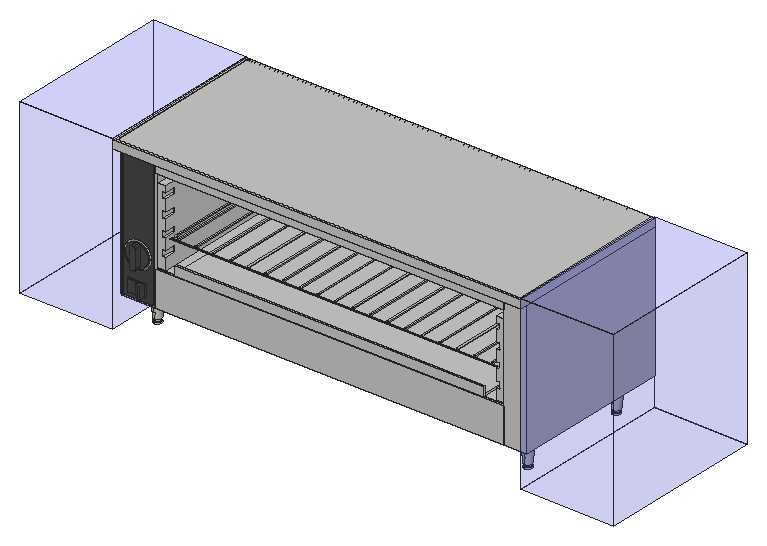
Revit family "QF_Vollrath_CM4-20835", category Specialty Equipment, Revit 2016
Family settings
  Part Type = Normal
  Round Connector Dimension = Use Diameter
  OmniClass Number = 23.40.40.00
  OmniClass Title = Food Service Equipment and Furnishings
  Work Plane-Based = No
  Always vertical = Yes
  Cut with Voids When Loaded = No
  Shared = No
  Room Calculation Point = No
Parameters (values of type "208/60/1")
  Width = 35 1/8"
  Weight in Pounds = 60
  Watts = 3660 W
  Watermarked By = ""
  Volts = 208 V
  URL Cutsheet = ""
  URL = "http://vollrath.com/Vollrath.htm"
  Status [instance] = ""
  Specification by User [instance] = ""
  Specification by Manufacturer [instance] = ""
  Serial Number [instance] = ""
  Revision Code [instance] = ""
  Phase = 1
  Number of Poles [instance] = 1
  NAFEM Spec ID Number [instance] = ""
  Model = "CM4-20835"
  Masterspec [instance] = ""
  Manufacturer = "Vollrath"
  Item Number [instance] = "-"
  Installed By [instance] = ""
  Height = 14 3/4"
  Furnished By [instance] = ""
  Foodservice Equipment Identifier = yes
  FL Amps = 17.6 A
  Electrical Remarks [instance] = ""
  Electric Connection Type = ""
  Elec Conn RI Height [instance] = 0"
  Elec Conn Connection Height = 0"
  Description = "Cheese Melter"
  Depth = 14 3/8"
  Cycle = 60 Hz
  Conn Plug = "NEMA 6-30P"
  CSI MasterFormat = ""
  Assembly Code = "E1090320"
  Apparent Power = if(Phase = 3, Volts * FL Amps * 1.73, Volts * FL Amps)  # 3660.8 VA
Reference planes (in)
  plane 1 "BACK": y = 0
  plane 2: z = 0
  plane 3 "LEFT": x = -16.56573
  plane 4 "RIGHT": x = 18.55927
  plane 5 "FRONT": y = -14.375
  plane 6 "TOP": z = 14.75
  plane 7: x = 0.99677
  plane 8: y = -6.84375
  plane 9: x = 26.55927
  plane 10: x = -24.56573
  plane 11 "Right Inner": x = 16.55927
  plane 12 "Left Inner": x = -13.44073
  plane 13 "Leg Right": x = 16.93427
  plane 14 "Leg Left": x = -14.94073
  plane 15 "Leg Back": y = -2.09375
  plane 16 "Leg Front": y = -11.59375
  plane 17 "Bottom of Box": z = 2.5
  plane 18 "Bottom of Top": z = 13.9375
  plane 19 "Front of Box": y = -13.75
  plane 20 "Oven Rack": z = 7.8125
Forms (in)
  Extrusion 1, solid, material "QF_Clearance", detail levels medium+fine
    sketch origin (0, 0, 0) x (1, 0, 0) y (0, 1, 0)
      loop
        line (-24.56573, 0) -> (-24.56573, -14.375) -> (-16.56573, -14.375) -> (-16.56573, 0) -> (-24.56573, 0)
      loop
        line (26.55927, 0) -> (18.55927, 0) -> (18.55927, -14.375) -> (26.55927, -14.375) -> (26.55927, 0)
    from 0 to 14.75
  Revolve 2, solid, material "QF_Stainless-Polished"
    sketch origin (-14.94073, 0, 0) x (0, 1, 0) y (0, 0, 1)
      loop
        line (-2.09375, 2.5) -> (-2.09375, 0) -> (-1.76906, 0) -> (-1.76906, 0.0625) -> (-1.89375, 0.0625) -> (-1.89375, 0.2) -> (-1.85375, 0.2) -> (-1.84506, 0.35204) -> (-1.76506, 0.35204) -> (-1.61375, 2.5) -> (-2.09375, 2.5)
      axis (-2.09375, 0) -> (-2.09375, 2.5)
    angle from 0 to 360
  Revolve 3, solid, material "QF_Stainless-Polished"
    sketch origin (-14.94073, 0, 0) x (0, 1, 0) y (0, 0, 1)
      loop
        line (-11.59375, 2.5) -> (-11.59375, 0) -> (-11.26906, 0) -> (-11.26906, 0.0625) -> (-11.39375, 0.0625) -> (-11.39375, 0.2) -> (-11.35375, 0.2) -> (-11.34506, 0.35204) -> (-11.26506, 0.35204) -> (-11.11375, 2.5) -> (-11.59375, 2.5)
      axis (-11.59375, 0) -> (-11.59375, 2.5)
    angle from 0 to 360
  Revolve 4, solid, material "QF_Stainless-Polished"
    sketch origin (16.93427, 0, 0) x (0, 1, 0) y (0, 0, 1)
      loop
        line (-2.09375, 2.5) -> (-2.09375, 0) -> (-1.76906, 0) -> (-1.76906, 0.0625) -> (-1.89375, 0.0625) -> (-1.89375, 0.2) -> (-1.85375, 0.2) -> (-1.84506, 0.35204) -> (-1.76506, 0.35204) -> (-1.61375, 2.5) -> (-2.09375, 2.5)
      axis (-2.09375, 0) -> (-2.09375, 2.5)
    angle from 0 to 360
  Revolve 5, solid, material "QF_Stainless-Polished"
    sketch origin (16.93427, 0, 0) x (0, 1, 0) y (0, 0, 1)
      loop
        line (-11.59375, 2.5) -> (-11.59375, 0) -> (-11.26906, 0) -> (-11.26906, 0.0625) -> (-11.39375, 0.0625) -> (-11.39375, 0.2) -> (-11.35375, 0.2) -> (-11.34506, 0.35204) -> (-11.26506, 0.35204) -> (-11.11375, 2.5) -> (-11.59375, 2.5)
      axis (-11.59375, 0) -> (-11.59375, 2.5)
    angle from 0 to 360
  Sweep 6, solid, material "QF_Stainless-Polished"
    path origin (0, 0, 14.75) x (0, 1, 0) y (-1, 0, 0)
      loop
        line (0, 16.56573) -> (-14.375, 16.56573) -> (-14.375, -18.55927) -> (0, -18.55927) -> (0, 16.56573)
    profile origin (0.99677, 0, 14.75) x (0, 1, 0) y (0, 0, 1)
      loop
        line (0, -0.125) -> (-0.125, 0) -> (-0.8125, 0) -> (-0.8125, -0.125) -> (-0.17678, -0.125) -> (-0.125, -0.17678) -> (-0.125, -0.8125) -> (0, -0.8125) -> (0, -0.125)
  Extrusion 7, solid, material "QF_Stainless-Polished"
    sketch origin (0, 0, 14.75) x (0, 1, 0) y (-1, 0, 0)
      loop
        line (-0.8125, 15.75323) -> (-13.5625, 15.75323) -> (-13.5625, -17.74677) -> (-0.8125, -17.74677) -> (-0.8125, 15.75323)
    from 0 to -0.125
  Extrusion 8, solid, material "QF_Stainless-Polished"
    sketch origin (0, 0, 13.9375) x (0, 1, 0) y (-1, 0, 0)
      loop
        line (-0.125, 16.44073) -> (-14.25, 16.44073) -> (-14.25, -18.43427) -> (-0.125, -18.43427) -> (-0.125, 16.44073)
    from 0 to 0.125
  Extrusion 9, solid, material "QF_Stainless-Polished"
    sketch origin (-16.56573, 0, 0) x (0, 1, 0) y (0, 0, 1)
      loop
        line (0, 13.9375) -> (-13.5, 13.9375) -> (-13.5, 2.5) -> (0, 2.5) -> (0, 13.9375)
      loop
        circle (-6.84375, 7.28125) r 2
    from 0 to 0.25
  Sweep 10, solid, material "QF_Stainless-Polished"
    path origin (-16.56573, 0, 0) x (0, 1, 0) y (0, 0, 1)
      loop
        circle (-6.84375, 7.28125) r 1.75
    profile origin (-16.56573, -6.84375, 9.03125) x (0, 0, -1) y (1, 0, 0)
      loop
        circle (0, 0) r 0.0625
  Sweep 11, solid, material "QF_Stainless-Polished"
    path origin (-16.56573, 0, 0) x (0, 1, 0) y (0, 0, 1)
      loop
        circle (-6.84375, 7.28125) r 1.5
    profile origin (-16.56573, -6.84375, 8.78125) x (0, 0, -1) y (1, 0, 0)
      loop
        circle (0, 0) r 0.0625
  Sweep 12, solid, material "QF_Stainless-Polished"
    path origin (-16.56573, 0, 0) x (0, 1, 0) y (0, 0, 1)
      loop
        circle (-6.84375, 7.28125) r 1.25
    profile origin (-16.56573, -6.84375, 8.53125) x (0, 0, -1) y (1, 0, 0)
      loop
        circle (0, 0) r 0.0625
  Sweep 13, solid, material "QF_Stainless-Polished"
    path origin (-16.56573, 0, 0) x (0, 1, 0) y (0, 0, 1)
      loop
        circle (-6.84375, 7.28125) r 1
    profile origin (-16.56573, -6.84375, 8.28125) x (0, 0, -1) y (1, 0, 0)
      loop
        circle (0, 0) r 0.0625
  Sweep 14, solid, material "QF_Stainless-Polished"
    path origin (-16.56573, 0, 0) x (0, 1, 0) y (0, 0, 1)
      loop
        circle (-6.84375, 7.28125) r 0.75
    profile origin (-16.56573, -6.84375, 8.03125) x (0, 0, -1) y (1, 0, 0)
      loop
        circle (0, 0) r 0.0625
  Sweep 15, solid, material "QF_Stainless-Polished"
    path origin (-16.56573, 0, 0) x (0, 1, 0) y (0, 0, 1)
      loop
        circle (-6.84375, 7.28125) r 0.5
    profile origin (-16.56573, -6.84375, 7.78125) x (0, 0, -1) y (1, 0, 0)
      loop
        circle (0, 0) r 0.0625
  Sweep 16, solid, material "QF_Stainless-Polished"
    path origin (-16.56573, 0, 0) x (0, 1, 0) y (0, 0, 1)
      loop
        circle (-6.84375, 7.28125) r 0.25
    profile origin (-16.56573, -6.84375, 7.53125) x (0, 0, -1) y (1, 0, 0)
      loop
        circle (0, 0) r 0.0625
  Sweep 17, solid, material "QF_Stainless-Polished"
    path origin (-16.56573, 0, 0) x (0, 1, 0) y (0, 0, 1)
      loop
        line (-8.12711, 8.92748) -> (-5.56039, 5.13656)
    profile origin (-16.56573, -6.84375, 7.03202) x (0, 0.828053, 0.56065) y (1, 0, 0)
      loop
        arc (-0.125, 0) -> (0, -0.125) -> (0.125, 0) r 0.125
        line (0.125, 0) -> (-0.125, 0)
  Sweep 18, solid, material "QF_Stainless-Polished"
    path origin (-16.56573, 0, 0) x (0, 1, 0) y (0, 0, 1)
      loop
        line (-5.56039, 8.94762) -> (-8.12711, 5.1567)
    profile origin (-16.56573, -6.84375, 7.05216) x (0, 0.828053, -0.56065) y (1, 0, 0)
      loop
        line (0.125, 0) -> (-0.125, 0)
        arc (-0.125, 0) -> (0, -0.125) -> (0.125, 0) r 0.125
  Extrusion 19, solid, material "QF_Stainless-Polished"
    sketch origin (18.55927, 0, 0) x (0, 1, 0) y (0, 0, 1)
      loop
        line (0, 13.9375) -> (-13.75, 13.9375) -> (-13.75, 2.5) -> (0, 2.5) -> (0, 13.9375)
    from 0 to -0.25
  Extrusion 20, solid, material "QF_Stainless-Polished"
    sketch origin (0, 0, 0) x (1, 0, 0) y (0, 0, 1)
      loop
        line (18.30927, 2.5) -> (18.30927, 13.9375) -> (-16.31573, 13.9375) -> (-16.31573, 2.5) -> (18.30927, 2.5)
    from 0 to 0.25
  Extrusion 21, solid, material "QF_Stainless-Polished"
    sketch origin (0, 0, 2.5) x (0, 1, 0) y (-1, 0, 0)
      loop
        line (-0.25, 16.31573) -> (-13.75, 16.31573) -> (-13.75, -18.30927) -> (-0.25, -18.30927) -> (-0.25, 16.31573)
    from 0 to 0.25
  Extrusion 22, solid, material "QF_Stainless-Polished"
    sketch origin (0, -13.75, 0) x (-1, 0, 0) y (0, 0, 1)
      loop
        line (-18.55927, 2.5) -> (-16.55927, 2.5) -> (-16.55927, 13.9375) -> (-18.55927, 13.9375) -> (-18.55927, 2.5)
    from 0 to 11.25
  Extrusion 23, solid, material "QF_Stainless-Polished"
    sketch origin (0, -13.75, 0) x (-1, 0, 0) y (0, 0, 1)
      loop
        line (-16.55927, 13.9375) -> (-16.55927, 12.9375) -> (13.44073, 12.9375) -> (13.44073, 13.9375) -> (-16.55927, 13.9375)
    from 0 to 0.25
  Extrusion 24, void
    sketch origin (0, -13.75, 0) x (-1, 0, 0) y (0, 0, 1)
      loop
        line (13.44073, 2.75) -> (13.44073, 2.5) -> (16.31573, 2.5) -> (16.31573, 2.75) -> (13.44073, 2.75)
    from 0 to 0.25
  Extrusion 25, solid, material "QF_Stainless-Polished"
    sketch origin (0, -13.75, 0) x (-1, 0, 0) y (0, 0, 1)
      loop
        line (13.44073, 2.5) -> (16.31573, 2.5) -> (16.31573, 13.9375) -> (13.44073, 13.9375) -> (13.44073, 2.5)
      loop
        line (16.19073, 2.75) -> (16.19073, 13.6875)
        arc (16.19073, 13.6875) -> (16.15411, 13.77589) -> (16.06573, 13.8125) r 0.125
        line (16.06573, 13.8125) -> (13.69073, 13.8125)
        arc (13.69073, 13.8125) -> (13.60234, 13.77589) -> (13.56573, 13.6875) r 0.125
        line (13.56573, 13.6875) -> (13.56573, 2.75)
        arc (13.56573, 2.75) -> (13.60234, 2.66161) -> (13.69073, 2.625) r 0.125
        line (13.69073, 2.625) -> (16.06573, 2.625)
        arc (16.06573, 2.625) -> (16.15411, 2.66161) -> (16.19073, 2.75) r 0.125
    from 0 to 0.25
  Extrusion 26, solid, material "QF_Steel-Paint Finish-Black"
    sketch origin (0, -13.75, 0) x (-1, 0, 0) y (0, 0, 1)
      loop
        arc (13.69073, 13.8125) -> (13.60234, 13.77589) -> (13.56573, 13.6875) r 0.125
        line (13.56573, 13.6875) -> (13.56573, 2.75)
        arc (13.56573, 2.75) -> (13.60234, 2.66161) -> (13.69073, 2.625) r 0.125
        line (13.69073, 2.625) -> (16.06573, 2.625)
        arc (16.06573, 2.625) -> (16.15411, 2.66161) -> (16.19073, 2.75) r 0.125
        line (16.19073, 2.75) -> (16.19073, 13.6875)
        arc (16.19073, 13.6875) -> (16.15411, 13.77589) -> (16.06573, 13.8125) r 0.125
        line (16.06573, 13.8125) -> (13.69073, 13.8125)
      loop
        circle (14.87823, 6.125) r 1
      loop
        line (15.69073, 3.125) -> (15.69073, 4.125) -> (14.19073, 4.125) -> (14.19073, 3.125) -> (15.69073, 3.125)
    from 0 to 0.25
  Extrusion 27, void
    sketch origin (0, -13.75, 0) x (-1, 0, 0) y (0, 0, 1)
      loop
        line (13.44073, 2.75) -> (-16.55927, 2.75) -> (-16.55927, 2.5) -> (13.44073, 2.5) -> (13.44073, 2.75)
    from 0 to 0.25
  Extrusion 28, solid, material "QF_Stainless-Polished"
    sketch origin (0, -13.75, 0) x (-1, 0, 0) y (0, 0, 1)
      loop
        line (13.44073, 2.5) -> (13.44073, 5.5) -> (-16.55927, 5.5) -> (-16.55927, 2.5) -> (13.44073, 2.5)
    from 0 to 0.25
  Extrusion 29, solid, material "QF_Stainless-Polished"
    sketch origin (0, -13.75, 0) x (-1, 0, 0) y (0, 0, 1)
      loop
        line (13.44073, 2.75) -> (13.69073, 2.75) -> (13.69073, 13.9375) -> (13.44073, 13.9375) -> (13.44073, 2.75)
    from 0.25 to 13.5
  Extrusion 30, solid, material "QF_Plastic-Black-Coarse"
    sketch origin (0, -13.75, 0) x (-1, 0, 0) y (0, 0, 1)
      loop
        circle (14.87823, 6.125) r 1
      loop
        line (15.69073, 4.125) -> (14.19073, 4.125) -> (14.19073, 3.125) -> (15.69073, 3.125) -> (15.69073, 4.125)
    from 0 to -0.125
  Extrusion 31, solid, material "QF_Plastic-Black-Coarse"
    sketch origin (0, -13.875, 0) x (1, 0, 0) y (0, 0, 1)
      loop
        line (-15.12823, 6.92783) -> (-15.12823, 5.32217)
        arc (-15.12823, 5.32217) -> (-15.09817, 5.24087) -> (-15.02246, 5.19866) r 0.125
        arc (-15.02246, 5.19866) -> (-14.87823, 5.1875) -> (-14.73399, 5.19866) r 0.9375
        arc (-14.73399, 5.19866) -> (-14.65828, 5.24087) -> (-14.62823, 5.32217) r 0.125
        line (-14.62823, 5.32217) -> (-14.62823, 6.92783)
        arc (-14.62823, 6.92783) -> (-14.65828, 7.00913) -> (-14.73399, 7.05134) r 0.125
        arc (-14.73399, 7.05134) -> (-14.87823, 7.0625) -> (-15.02246, 7.05134) r 0.9375
        arc (-15.02246, 7.05134) -> (-15.09817, 7.00913) -> (-15.12823, 6.92783) r 0.125
    from 0 to 0.5
  Extrusion 32, solid, material "QF_Plastic-Black-Coarse"
    sketch origin (-15.69073, -13.75, 4.125) x (1, 0, 0) y (0, 1, 0)
      loop
        line (1.4375, -0.125) -> (0.0625, -0.125) -> (0.0625, -0.22041) -> (0.70081, -0.22041)
        arc (0.70081, -0.22041) -> (0.89215, -0.25847) -> (1.05436, -0.36686) r 0.5
        line (1.05436, -0.36686) -> (1.3125, -0.625) -> (1.4375, -0.625) -> (1.4375, -0.125)
    from 0 to -1
  Extrusion 33, solid, material "QF_Stainless-Polished"
    sketch origin (0, -13.75, 0) x (-1, 0, 0) y (0, 0, 1)
      loop
        line (-16.55927, 5.5625) -> (-15.80927, 5.5625) -> (-15.80927, 12.0625) -> (-16.55927, 12.0625) -> (-16.55927, 5.5625)
      loop
        line (13.44073, 5.5625) -> (13.44073, 12.0625) -> (12.69073, 12.0625) -> (12.69073, 5.5625) -> (13.44073, 5.5625)
    from 0.25 to 13.5
  Sweep 34, solid, material "QF_Stainless-Polished"
    path origin (0, -13.75, 0) x (-1, 0, 0) y (0, 0, 1)
      loop
        circle (14.87823, 6.125) r 1
    profile origin (-14.87823, -13.75, 7.125) x (0, 0, -1) y (0, 1, 0)
      loop
        line (0, 0) -> (-0.125, 0)
        arc (-0.125, 0) -> (-0.0625, -0.0625) -> (0, 0) r 0.0625
  Extrusion 35, solid, material "QF_Stainless-Polished"
    sketch origin (0, 0, 0) x (1, 0, 0) y (0, 0, 1)
      loop
        circle (-14.94073, 4.64039) r 0.25
    from 0 to -0.25
  Extrusion 36, solid, material "QF_Stainless-Polished"
    sketch origin (0, -13.75, 0) x (-1, 0, 0) y (0, 0, 1)
      loop
        line (13.44073, 5.5) -> (-16.55927, 5.5) -> (-16.55927, 2.75) -> (13.44073, 2.75) -> (13.44073, 5.5)
    from 0.25 to 13.5
  Extrusion 37, solid, material "QF_Stainless-Polished"
    sketch origin (0, 0, 0) x (1, 0, 0) y (0, 0, 1)
      loop
        arc (10.99677, 10.96875) -> (10.85033, 11.3223) -> (10.49677, 11.46875) r 0.5
        line (10.49677, 11.46875) -> (-8.50323, 11.46875)
        arc (-8.50323, 11.46875) -> (-8.85678, 11.3223) -> (-9.00323, 10.96875) r 0.5
        line (-9.00323, 10.96875) -> (-9.00323, 6.96875)
        arc (-9.00323, 6.96875) -> (-8.85678, 6.6152) -> (-8.50323, 6.46875) r 0.5
        line (-8.50323, 6.46875) -> (10.49677, 6.46875)
        arc (10.49677, 6.46875) -> (10.85033, 6.6152) -> (10.99677, 6.96875) r 0.5
        line (10.99677, 6.96875) -> (10.99677, 10.96875)
    from 0.25 to 0.5
  Extrusion 38, void
    sketch origin (0, -13.5, 0) x (-1, 0, 0) y (0, 0, 1)
      loop
        line (12.69073, 6.5625) -> (12.94073, 6.5625) -> (12.94073, 7.0625) -> (12.69073, 7.0625) -> (12.69073, 6.5625)
      loop
        line (12.69073, 8.0625) -> (12.94073, 8.0625) -> (12.94073, 8.5625) -> (12.69073, 8.5625) -> (12.69073, 8.0625)
      loop
        line (12.69073, 9.5625) -> (12.94073, 9.5625) -> (12.94073, 10.0625) -> (12.69073, 10.0625) -> (12.69073, 9.5625)
      loop
        line (12.69073, 11.0625) -> (12.94073, 11.0625) -> (12.94073, 11.5625) -> (12.69073, 11.5625) -> (12.69073, 11.0625)
      loop
        line (-15.80927, 6.5625) -> (-15.80927, 7.0625) -> (-16.05927, 7.0625) -> (-16.05927, 6.5625) -> (-15.80927, 6.5625)
      loop
        line (-15.80927, 8.0625) -> (-15.80927, 8.5625) -> (-16.05927, 8.5625) -> (-16.05927, 8.0625) -> (-15.80927, 8.0625)
      loop
        line (-15.80927, 9.5625) -> (-15.80927, 10.0625) -> (-16.05927, 10.0625) -> (-16.05927, 9.5625) -> (-15.80927, 9.5625)
      loop
        line (-15.80927, 11.0625) -> (-15.80927, 11.5625) -> (-16.05927, 11.5625) -> (-16.05927, 11.0625) -> (-15.80927, 11.0625)
    from 0 to 1
  Extrusion 39, solid, material "QF_Stainless-Polished"
    sketch origin (0, -13.75, 0) x (-1, 0, 0) y (0, 0, 1)
      loop
        line (11.69073, 5.625) -> (11.69073, 6.375) -> (-14.80927, 6.375) -> (-14.80927, 5.625) -> (11.69073, 5.625)
    from 0 to 0.125
  Extrusion 40, solid, material "QF_Stainless-Polished"
    sketch origin (0, -13.75, 0) x (-1, 0, 0) y (0, 0, 1)
      loop
        line (11.69073, 5.625) -> (11.69073, 5.75) -> (-14.80927, 5.75) -> (-14.80927, 5.625) -> (11.69073, 5.625)
    from 0.125 to 12
  Sweep 41, solid, material "QF_Stainless-Polished"
    path origin (0, 0, 7.8125) x (0, 1, 0) y (-1, 0, 0)
      loop
        arc (-1.75, 12.5077) -> (-1.78661, 12.59609) -> (-1.875, 12.6327) r 0.125
        line (-1.875, 12.6327) -> (-12.48839, 12.6327)
        arc (-12.48839, 12.6327) -> (-12.56402, 12.65817) -> (-12.60883, 12.72421) r 0.125
        arc (-12.60883, 12.72421) -> (-12.65363, 12.79025) -> (-12.72926, 12.81573) r 0.125
        line (-12.72926, 12.81573) -> (-12.875, 12.81573)
        arc (-12.875, 12.81573) -> (-12.96339, 12.77911) -> (-13, 12.69073) r 0.125
        line (-13, 12.69073) -> (-13, -15.80927)
        arc (-13, -15.80927) -> (-12.96339, -15.89766) -> (-12.875, -15.93427) r 0.125
        line (-12.875, -15.93427) -> (-12.73839, -15.93427)
        arc (-12.73839, -15.93427) -> (-12.66277, -15.9088) -> (-12.61796, -15.84276) r 0.125
        arc (-12.61796, -15.84276) -> (-12.57316, -15.77672) -> (-12.49753, -15.75125) r 0.125
        line (-12.49753, -15.75125) -> (-1.875, -15.75125)
        arc (-1.875, -15.75125) -> (-1.78661, -15.71463) -> (-1.75, -15.62625) r 0.125
        line (-1.75, -15.62625) -> (-1.75, 12.5077)
    profile origin (1.55927, -1.75, 7.8125) x (0, 1, 0) y (0, 0, 1)
      loop
        circle (0, 0) r 0.0625
  Extrusion 42, solid, material "QF_Stainless-Polished"
    sketch origin (0, -13.75, 0) x (-1, 0, 0) y (0, 0, 1)
      loop
        circle (12.02244, 7.9375) r 0.0625
    from 0.75136 to 12
  Extrusion 43, solid, material "QF_Stainless-Polished"
    sketch origin (1.5, -13.75, 0) x (-1, 0, 0) y (0, 0, 1)
      loop
        circle (12.02244, 7.9375) r 0.0625
    from 0.75136 to 12
  Extrusion 44, solid, material "QF_Stainless-Polished"
    sketch origin (3, -13.75, 0) x (-1, 0, 0) y (0, 0, 1)
      loop
        circle (12.02244, 7.9375) r 0.0625
    from 0.75136 to 12
  Extrusion 45, solid, material "QF_Stainless-Polished"
    sketch origin (4.5, -13.75, 0) x (-1, 0, 0) y (0, 0, 1)
      loop
        circle (12.02244, 7.9375) r 0.0625
    from 0.75136 to 12
  Extrusion 46, solid, material "QF_Stainless-Polished"
    sketch origin (6, -13.75, 0) x (-1, 0, 0) y (0, 0, 1)
      loop
        circle (12.02244, 7.9375) r 0.0625
    from 0.75136 to 12
  Extrusion 47, solid, material "QF_Stainless-Polished"
    sketch origin (7.5, -13.75, 0) x (-1, 0, 0) y (0, 0, 1)
      loop
        circle (12.02244, 7.9375) r 0.0625
    from 0.75136 to 12
  Extrusion 48, solid, material "QF_Stainless-Polished"
    sketch origin (9, -13.75, 0) x (-1, 0, 0) y (0, 0, 1)
      loop
        circle (12.02244, 7.9375) r 0.0625
    from 0.75136 to 12
  Extrusion 49, solid, material "QF_Stainless-Polished"
    sketch origin (10.5, -13.75, 0) x (-1, 0, 0) y (0, 0, 1)
      loop
        circle (12.02244, 7.9375) r 0.0625
    from 0.75136 to 12
  Extrusion 50, solid, material "QF_Stainless-Polished"
    sketch origin (12, -13.75, 0) x (-1, 0, 0) y (0, 0, 1)
      loop
        circle (12.02244, 7.9375) r 0.0625
    from 0.75136 to 12
  Extrusion 51, solid, material "QF_Stainless-Polished"
    sketch origin (13.5, -13.75, 0) x (-1, 0, 0) y (0, 0, 1)
      loop
        circle (12.02244, 7.9375) r 0.0625
    from 0.75136 to 12
  Extrusion 52, solid, material "QF_Stainless-Polished"
    sketch origin (15, -13.75, 0) x (-1, 0, 0) y (0, 0, 1)
      loop
        circle (12.02244, 7.9375) r 0.0625
    from 0.75136 to 12
  Extrusion 53, solid, material "QF_Stainless-Polished"
    sketch origin (16.5, -13.75, 0) x (-1, 0, 0) y (0, 0, 1)
      loop
        circle (12.02244, 7.9375) r 0.0625
    from 0.75136 to 12
  Extrusion 54, solid, material "QF_Stainless-Polished"
    sketch origin (18, -13.75, 0) x (-1, 0, 0) y (0, 0, 1)
      loop
        circle (12.02244, 7.9375) r 0.0625
    from 0.75136 to 12
  Extrusion 55, solid, material "QF_Stainless-Polished"
    sketch origin (19.5, -13.75, 0) x (-1, 0, 0) y (0, 0, 1)
      loop
        circle (12.02244, 7.9375) r 0.0625
    from 0.75136 to 12
  Extrusion 56, solid, material "QF_Stainless-Polished"
    sketch origin (21, -13.75, 0) x (-1, 0, 0) y (0, 0, 1)
      loop
        circle (12.02244, 7.9375) r 0.0625
    from 0.75136 to 12
  Extrusion 57, solid, material "QF_Stainless-Polished"
    sketch origin (22.5, -13.75, 0) x (-1, 0, 0) y (0, 0, 1)
      loop
        circle (12.02244, 7.9375) r 0.0625
    from 0.75136 to 12
  Extrusion 58, solid, material "QF_Stainless-Polished"
    sketch origin (24, -13.75, 0) x (-1, 0, 0) y (0, 0, 1)
      loop
        circle (12.02244, 7.9375) r 0.0625
    from 0.75136 to 12
  Extrusion 59, solid, material "QF_Stainless-Polished"
    sketch origin (25.5, -13.75, 0) x (-1, 0, 0) y (0, 0, 1)
      loop
        circle (12.02244, 7.9375) r 0.0625
    from 0.75136 to 12
  Extrusion 60, solid, material "QF_Stainless-Polished"
    sketch origin (27, -13.75, 0) x (-1, 0, 0) y (0, 0, 1)
      loop
        circle (12.02244, 7.9375) r 0.0625
    from 0.75136 to 12
Cuts and joins
  joined: Sweep 6, Extrusion 7, Extrusion 8
  Extrusion 24, Extrusion 27 cuts Extrusion 9
  Extrusion 24, Extrusion 27 cuts Extrusion 19
  Extrusion 24, Extrusion 27 cuts Extrusion 20
  Extrusion 24, Extrusion 27 cuts Extrusion 21
  Extrusion 24, Extrusion 27 cuts Extrusion 22
  joined: Extrusion 9, Extrusion 19, Extrusion 20, Extrusion 21, Extrusion 22
  Extrusion 24 cuts Revolve 2
  Extrusion 24 cuts Revolve 3
  Extrusion 27 cuts Extrusion 25
  Extrusion 38 cuts Extrusion 33
Lines and regions (in)
  symbolic lines, style "QF_Clearances_Code Mandatory"
    curve 1: line (-24.56573, 0, 0) -> (-16.56573, 0, 0)
    curve 2: line (-24.56573, -14.375, 0) -> (-24.56573, 0, 0)
    curve 3: line (-16.56573, -14.375, 0) -> (-24.56573, -14.375, 0)
    curve 5: line (26.55927, 0, 0) -> (18.55927, 0, 0)
    curve 6: line (26.55927, -14.375, 0) -> (26.55927, 0, 0)
    curve 7: line (18.55927, -14.375, 0) -> (26.55927, -14.375, 0)
  symbolic lines, style "SpecialityEquipment"
    curve 4: line (-16.56573, 0, 0) -> (-16.56573, -14.375, 0)
    curve 8: line (18.55927, 0, 0) -> (18.55927, -14.375, 0)
  symbolic lines
    curve 9: line (18.55927, 0, 2.5) -> (-16.56573, 0, 2.5)
    curve 10: line (-16.56573, -14.375, 2.5) -> (18.55927, -14.375, 2.5)
  symbolic lines, style "QF_Details_Undercounter"
    curve 11: line (-16.31573, -13.75, 2.5) -> (18.55927, -13.75, 2.5)
    curve 12: line (-16.31573, -13.5, 2.5) -> (-16.31573, -13.75, 2.5)
    curve 13: line (-16.31573, -13.5, 2.5) -> (-16.56573, -13.5, 2.5)
Dimensions and locks (in)
  "Depth": plane 5 "FRONT" to plane 1 "BACK"
  "Height": plane 6 "TOP" to plane 2
  "Width": plane 4 "RIGHT" to plane 3 "LEFT"
  equal spacing: plane 3 "LEFT", plane 7, plane 4 "RIGHT"
  locked: plane 10 to plane 3 "LEFT" at 8
  locked: plane 4 "RIGHT" to plane 9 at 8
  locked: plane 3 "LEFT" to plane 14 "Leg Left" at 1.625
  locked: plane 13 "Leg Right" to plane 4 "RIGHT" at 1.625
  locked: plane 6 "TOP" to plane 18 "Bottom of Top" at 0.8125
  locked: plane 19 "Front of Box" to plane 5 "FRONT" at 0.625
  locked: Extrusion 9 sketch curve to plane 19 "Front of Box" at 0.25
  locked: plane 3 "LEFT" to plane 12 "Left Inner" at 3.125
  locked: plane 17 "Bottom of Box" to level at 2.5
  locked: plane 11 "Right Inner" to plane 4 "RIGHT" at 2
  equal spacing: plane 16 "Leg Front", plane 8, plane 15 "Leg Back"
  plane 16 "Leg Front" to plane 15 "Leg Back" = 9 1/2"
  plane 20 "Oven Rack" to plane 17 "Bottom of Box" = 5 5/16"
  equal spacing: group 1, group 2, group 3, group 4, group 5, group 6, group 7, group 8, group 9, group 10, group 11, group 12, group 13, group 14, group 15, group 16, group 17, group 18, group 19  (x3)
  plane 12 "Left Inner" to plane 11 "Right Inner" = 30"
  aligned and locked: level to plane 2
  aligned and locked: plane 1 "BACK" to Extrusion 1 sketch curve
  aligned and locked: plane 10 to Extrusion 1 sketch curve
  aligned and locked: plane 5 "FRONT" to Extrusion 1 sketch curve
  aligned and locked: Extrusion 1 sketch curve to plane 3 "LEFT"
  aligned and locked: Extrusion 1 sketch curve to plane 1 "BACK"
  aligned and locked: plane 9 to Extrusion 1 sketch curve
  aligned and locked: Extrusion 1 sketch curve to plane 5 "FRONT"
  aligned and locked: Extrusion 1 sketch curve to plane 4 "RIGHT"
  aligned and locked: curve 1 to Extrusion 1
  aligned and locked: curve 2 to Extrusion 1
  aligned and locked: curve 3 to Extrusion 1
  aligned and locked: curve 4 to Extrusion 1
  aligned and locked: curve 5 to Extrusion 1
  aligned and locked: curve 6 to Extrusion 1
  aligned and locked: curve 7 to Extrusion 1
  aligned and locked: curve 8 to Extrusion 1
  aligned and locked: plane 6 "TOP" to Extrusion 1
  aligned and locked: plane 15 "Leg Back" to Revolve 2 sketch curve
  aligned and locked: plane 16 "Leg Front" to Revolve 3 sketch curve
  aligned and locked: plane 17 "Bottom of Box" to Revolve 3 sketch curve
  aligned and locked: plane 17 "Bottom of Box" to Revolve 2 sketch curve
  aligned and locked: plane 17 "Bottom of Box" to Revolve 4 sketch curve
  aligned and locked: plane 15 "Leg Back" to Revolve 4 sketch curve
  aligned and locked: plane 17 "Bottom of Box" to Revolve 5 sketch curve
  aligned and locked: plane 16 "Leg Front" to Revolve 5 sketch curve
  aligned and locked: Sweep 6 sketch curve to Extrusion 1  (x4)
  aligned and locked: Sweep 6 sketch curve to plane 1 "BACK"
  aligned and locked: Sweep 6 sketch curve to plane 6 "TOP"
  aligned and locked: Extrusion 7 sketch curve to Sweep 6  (x4)
  aligned and locked: Extrusion 8 sketch curve to cut or joined group of Sweep 6, Extrusion 7, Extrusion 8  (x3)
  aligned and locked: Extrusion 9 sketch curve to cut or joined group of Sweep 6, Extrusion 7, Extrusion 8  (x2)
  aligned and locked: Extrusion 9 sketch curve to plane 17 "Bottom of Box"
  aligned and locked: Extrusion 19 sketch curve to cut or joined group of Sweep 6, Extrusion 7, Extrusion 8
  aligned and locked: Extrusion 19 sketch curve to Extrusion 9  (x2)
  aligned and locked: Extrusion 20 sketch curve to Extrusion 19  (x2)
  aligned and locked: Extrusion 9 to Extrusion 20 sketch curve
  aligned and locked: Extrusion 20 sketch curve to Extrusion 9
  aligned and locked: Extrusion 21 sketch curve to Extrusion 20  (x2)
  aligned and locked: Extrusion 19 to Extrusion 21 sketch curve  (x2)
  aligned and locked: Extrusion 22 sketch curve to Extrusion 19  (x2)
  aligned and locked: plane 18 "Bottom of Top" to Extrusion 22 sketch curve
  aligned and locked: Extrusion 22 sketch curve to plane 11 "Right Inner"
  aligned and locked: Extrusion 23 sketch curve to plane 11 "Right Inner"
  aligned and locked: plane 12 "Left Inner" to Extrusion 23 sketch curve
  aligned and locked: Extrusion 23 sketch curve to plane 18 "Bottom of Top"
  aligned and locked: Extrusion 24 sketch curve to cut or joined group of Extrusion 9, Extrusion 19, Extrusion 20, Extrusion 21, Extrusion 22, Extrusion 24, Extrusion 27  (x3)
  aligned and locked: Extrusion 24 sketch curve to plane 12 "Left Inner"
  aligned and locked: cut or joined group of Extrusion 9, Extrusion 19, Extrusion 20, Extrusion 21, Extrusion 22, Extrusion 24, Extrusion 27 to Extrusion 25 sketch curve  (x2)
  aligned and locked: Extrusion 25 sketch curve to cut or joined group of Extrusion 9, Extrusion 19, Extrusion 20, Extrusion 21, Extrusion 22, Extrusion 24, Extrusion 27  (x2)
  aligned and locked: Extrusion 26 sketch curve to Extrusion 25  (x4)
  aligned and locked: cut or joined group of Extrusion 9, Extrusion 19, Extrusion 20, Extrusion 21, Extrusion 22, Extrusion 24, Extrusion 27 to Extrusion 27 sketch curve
  aligned and locked: Extrusion 27 sketch curve to cut or joined group of Extrusion 9, Extrusion 19, Extrusion 20, Extrusion 21, Extrusion 22, Extrusion 24, Extrusion 27
  aligned and locked: Extrusion 27 sketch curve to plane 17 "Bottom of Box"
  aligned and locked: plane 11 "Right Inner" to Extrusion 27 sketch curve
  aligned and locked: Extrusion 28 sketch curve to plane 17 "Bottom of Box"
  aligned and locked: Extrusion 28 sketch curve to cut or joined group of Extrusion 9, Extrusion 19, Extrusion 20, Extrusion 21, Extrusion 22, Extrusion 24, Extrusion 27
  aligned and locked: plane 12 "Left Inner" to Extrusion 28 sketch curve
  aligned and locked: plane 18 "Bottom of Top" to Extrusion 29 sketch curve
  aligned and locked: cut or joined group of Extrusion 9, Extrusion 19, Extrusion 20, Extrusion 21, Extrusion 22, Extrusion 24, Extrusion 27 to Extrusion 29
  aligned and locked: Extrusion 29 to cut or joined group of Extrusion 9, Extrusion 19, Extrusion 20, Extrusion 21, Extrusion 22, Extrusion 24, Extrusion 27
  aligned and locked: cut or joined group of Extrusion 9, Extrusion 19, Extrusion 20, Extrusion 21, Extrusion 22, Extrusion 24, Extrusion 27 to Extrusion 29 sketch curve
  aligned and locked: Extrusion 30 sketch curve to Extrusion 26  (x4)
  aligned and locked: cut or joined group of Extrusion 9, Extrusion 19, Extrusion 20, Extrusion 21, Extrusion 22, Extrusion 24, Extrusion 27 to Extrusion 33
  aligned and locked: Extrusion 33 to cut or joined group of Extrusion 9, Extrusion 19, Extrusion 20, Extrusion 21, Extrusion 22, Extrusion 24, Extrusion 27
  aligned and locked: curve 9 to cut or joined group of Extrusion 9, Extrusion 19, Extrusion 20, Extrusion 21, Extrusion 22, Extrusion 24, Extrusion 27
  aligned and locked: curve 10 to cut or joined group of Sweep 6, Extrusion 7, Extrusion 8
  aligned and locked: curve 11 to Extrusion 23
  aligned and locked: curve 12 to cut or joined group of Extrusion 25, Extrusion 27
  aligned and locked: plane 11 "Right Inner" to Extrusion 33 sketch curve
  aligned and locked: Extrusion 36 sketch curve to Extrusion 28
  aligned and locked: Extrusion 28 to Extrusion 36 sketch curve
  aligned and locked: Extrusion 36 sketch curve to cut or joined group of Extrusion 9, Extrusion 19, Extrusion 20, Extrusion 21, Extrusion 22, Extrusion 24, Extrusion 27  (x2)
Automatic sketch dimensions
  profile plane to Sweep 6 sketch curve = 1/8"
  Sweep 6 sketch curve to Sweep 6 sketch curve = 0.05178"  (x4)
  Sweep 6 sketch curve to plane 6 "TOP" = 1/8"
  Sweep 6 sketch curve to Sweep 6 sketch curve = 0.63572"  (x2)
  plane 1 "BACK" to Extrusion 8 sketch curve = 1/8"
  Extrusion 9 sketch curve to plane 8 = 0"
  plane 17 "Bottom of Box" to Extrusion 9 sketch curve = 4 25/32"
  Sweep 10 sketch curve to plane 3 "LEFT" = 0"
  Sweep 10 sketch curve to profile plane = 0"
  Sweep 10 sketch curve to plane 8 = 0"
  plane 17 "Bottom of Box" to Sweep 10 sketch curve = 4 25/32"
  Sweep 11 sketch curve to plane 8 = 0"
  plane 17 "Bottom of Box" to Sweep 11 sketch curve = 4 25/32"
  Sweep 11 sketch curve to plane 3 "LEFT" = 0"
  Sweep 11 sketch curve to profile plane = 0"
  Sweep 12 sketch curve to plane 8 = 0"
  plane 17 "Bottom of Box" to Sweep 12 sketch curve = 4 25/32"
  Sweep 12 sketch curve to plane 3 "LEFT" = 0"
  Sweep 12 sketch curve to profile plane = 0"
  Sweep 13 sketch curve to plane 8 = 0"
  plane 17 "Bottom of Box" to Sweep 13 sketch curve = 4 25/32"
  Sweep 13 sketch curve to plane 3 "LEFT" = 0"
  Sweep 13 sketch curve to profile plane = 0"
  Sweep 14 sketch curve to plane 8 = 0"
  plane 17 "Bottom of Box" to Sweep 14 sketch curve = 4 25/32"
  Sweep 14 sketch curve to plane 3 "LEFT" = 0"
  Sweep 14 sketch curve to profile plane = 0"
  Sweep 15 sketch curve to plane 8 = 0"
  plane 17 "Bottom of Box" to Sweep 15 sketch curve = 4 25/32"
  Sweep 15 sketch curve to plane 3 "LEFT" = 0"
  Sweep 15 sketch curve to profile plane = 0"
  Sweep 16 sketch curve to plane 8 = 0"
  plane 17 "Bottom of Box" to Sweep 16 sketch curve = 4 25/32"
  Sweep 16 sketch curve to plane 3 "LEFT" = 0"
  Sweep 16 sketch curve to profile plane = 0"
  Sweep 17 sketch curve to plane 3 "LEFT" = 0"
  Sweep 17 sketch curve to profile plane = 0"
  profile plane to Sweep 17 sketch curve = 1/8"
  plane 8 to Sweep 18 sketch curve = 1.28336"
  plane 17 "Bottom of Box" to Sweep 18 sketch curve = 2.6567"
  Sweep 18 sketch curve to plane 8 = 1.28336"
  Sweep 18 sketch curve to plane 18 "Bottom of Top" = 4.98988"
  Sweep 18 sketch curve to plane 3 "LEFT" = 0"
  Sweep 18 sketch curve to profile plane = 0"
  Sweep 18 sketch curve to Sweep 18 sketch curve = 1/8"
  Extrusion 19 sketch curve to plane 19 "Front of Box" = 0"
  Extrusion 25 sketch curve to plane 12 "Left Inner" = 1/8"
  Extrusion 25 sketch curve to plane 18 "Bottom of Top" = 1/8"
  Extrusion 25 sketch curve to Extrusion 25 sketch curve = 1/8"  (x3)
  plane 17 "Bottom of Box" to Extrusion 25 sketch curve = 1/8"
  Extrusion 25 sketch curve to Extrusion 25 sketch curve = 1/4"  (x2)
  Extrusion 26 sketch curve to Extrusion 26 sketch curve = 1/8"  (x4)
  plane 14 "Leg Left" to Extrusion 26 sketch curve = 1/16"
  Extrusion 26 sketch curve to Extrusion 26 sketch curve = 3 3/8"
  Extrusion 26 sketch curve to plane 12 "Left Inner" = 3/4"
  Extrusion 26 sketch curve to Extrusion 26 sketch curve = 3/8"  (x2)
  Extrusion 26 sketch curve to Extrusion 26 sketch curve = 1"
  Extrusion 29 sketch curve to plane 12 "Left Inner" = 1/4"
  Extrusion 29 sketch curve to plane 12 "Left Inner" = 0"
  plane 14 "Leg Left" to Extrusion 30 sketch curve = 1/16"
  Extrusion 30 sketch curve to Extrusion 30 sketch curve = 2"
  Extrusion 31 sketch curve to Extrusion 30 = 11/16"  (x2)
  Extrusion 31 sketch curve to Extrusion 31 sketch curve = 1/4"  (x2)
  Extrusion 31 sketch curve to Extrusion 31 sketch curve = 1/8"  (x2)
  Extrusion 31 sketch curve to Extrusion 31 sketch curve = 0"  (x3)
  Extrusion 31 sketch curve to Extrusion 31 sketch curve = 0.80283"
  Extrusion 30 to Extrusion 32 sketch curve = 1/8"
  Extrusion 32 sketch curve to Extrusion 30 = 0.09541"
  Extrusion 30 to Extrusion 32 sketch curve = 1/16"  (x2)
  Extrusion 30 to Extrusion 32 sketch curve = 0.70081"
  Extrusion 32 sketch curve to Extrusion 30 = 0.24186"
  Extrusion 32 sketch curve to Extrusion 32 sketch curve = 0.35355"
  Extrusion 30 to Extrusion 32 sketch curve = 3/16"
  Extrusion 32 sketch curve to Extrusion 32 sketch curve = 0.25814"
  plane 14 "Leg Left" to Sweep 34 sketch curve = 1/16"
  plane 17 "Bottom of Box" to Sweep 34 sketch curve = 3 5/8"
  Sweep 34 sketch curve to plane 19 "Front of Box" = 0"
  Sweep 34 sketch curve to profile plane = 0"
  profile plane to Sweep 34 sketch curve = 1/16"
  Extrusion 35 sketch curve to plane 14 "Leg Left" = 0"
  plane 17 "Bottom of Box" to Extrusion 35 sketch curve = 2.14039"
  curve 13 to plane 3 "LEFT" = 0"
  curve 9 to plane 4 "RIGHT" = 0"
  curve 11 to plane 4 "RIGHT" = 0"
  curve 10 to plane 4 "RIGHT" = 0"
  curve 9 to plane 3 "LEFT" = 0"
  curve 10 to plane 3 "LEFT" = 0"
  plane 19 "Front of Box" to curve 12 = 1/4"
  Extrusion 28 sketch curve to Extrusion 28 sketch curve = 3"
  Extrusion 23 sketch curve to plane 18 "Bottom of Top" = 1"
  plane 8 to Sweep 17 sketch curve = 1.28336"
  Sweep 17 sketch curve to plane 8 = 1.28336"
  plane 17 "Bottom of Box" to Sweep 17 sketch curve = 2.63656"
  Sweep 17 sketch curve to plane 18 "Bottom of Top" = 5.01002"
  Extrusion 33 sketch curve to Extrusion 33 sketch curve = 3/4"
  plane 12 "Left Inner" to Extrusion 33 sketch curve = 3/4"
  plane 14 "Leg Left" to Extrusion 33 sketch curve = 1 1/2"
  plane 17 "Bottom of Box" to Extrusion 33 sketch curve = 3 1/16"  (x2)
  Extrusion 33 sketch curve to plane 18 "Bottom of Top" = 1 7/8"  (x2)
  plane 12 "Left Inner" to Extrusion 37 sketch curve = 4 7/16"
  Extrusion 37 sketch curve to Extrusion 37 sketch curve = 1/2"  (x3)
  Extrusion 37 sketch curve to plane 11 "Right Inner" = 6 1/16"
  Extrusion 37 sketch curve to Extrusion 37 sketch curve = 0"
  Extrusion 37 sketch curve to plane 18 "Bottom of Top" = 2 31/32"
  Extrusion 37 sketch curve to Extrusion 37 sketch curve = 4"
  Extrusion 33 to Extrusion 38 sketch curve = 0"  (x4)
  Extrusion 38 sketch curve to Extrusion 33 = 0"  (x2)
  Extrusion 38 sketch curve to Extrusion 38 sketch curve = 0"  (x2)
  Extrusion 38 sketch curve to Extrusion 38 sketch curve = 1/4"  (x8)
  Extrusion 33 to Extrusion 38 sketch curve = 1"  (x2)
  Extrusion 38 sketch curve to Extrusion 38 sketch curve = 1/2"  (x8)
  Extrusion 38 sketch curve to Extrusion 38 sketch curve = 1"  (x6)
  Extrusion 39 sketch curve to plane 11 "Right Inner" = 1 3/4"
  plane 12 "Left Inner" to Extrusion 39 sketch curve = 1 3/4"
  plane 17 "Bottom of Box" to Extrusion 39 sketch curve = 3 1/8"
  Extrusion 39 sketch curve to Extrusion 39 sketch curve = 3/4"
  plane 12 "Left Inner" to Extrusion 40 sketch curve = 1 3/4"
  plane 17 "Bottom of Box" to Extrusion 40 sketch curve = 3 1/8"
  Extrusion 40 sketch curve to Extrusion 40 sketch curve = 1/8"
  Extrusion 40 sketch curve to plane 11 "Right Inner" = 1 3/4"
  plane 19 "Front of Box" to Sweep 41 sketch curve = 3/4"
  Sweep 41 sketch curve to Sweep 41 sketch curve = 1/8"  (x7)
  Sweep 41 sketch curve to Sweep 41 sketch curve = 0.13661"
  Sweep 41 sketch curve to Sweep 41 sketch curve = 0.14574"
  Sweep 41 sketch curve to Sweep 41 sketch curve = 0.24086"  (x2)
  Sweep 41 sketch curve to plane 15 "Leg Back" = 7/32"  (x2)
  Sweep 41 sketch curve to plane 11 "Right Inner" = 5/8"
  Sweep 41 sketch curve to Sweep 41 sketch curve = 0.05803"  (x2)
  plane 12 "Left Inner" to Sweep 41 sketch curve = 0.93303"
  Sweep 41 sketch curve to plane 20 "Oven Rack" = 0"
  Sweep 41 sketch curve to profile plane = 0"
  Revolve 2 sketch curve to plane 15 "Leg Back" = 0"
  Revolve 2 sketch curve to level = 0"  (x2)
  Revolve 2 sketch curve to plane 17 "Bottom of Box" = 0"
  Revolve 2 sketch curve to Revolve 2 sketch curve = 0.32469"
  Revolve 2 sketch curve to Revolve 2 sketch curve = 0.04"
  Revolve 2 sketch curve to Revolve 2 sketch curve = 0.00869"
  Revolve 2 sketch curve to Revolve 2 sketch curve = 0.08"
  Revolve 2 sketch curve to Revolve 2 sketch curve = 0.48"
  level to Revolve 2 sketch curve = 0.2"
  Revolve 2 sketch curve to Revolve 2 sketch curve = 0.15204"
  Revolve 2 sketch curve to Revolve 2 sketch curve = 1/16"
  Revolve 2 sketch curve to Revolve 2 sketch curve = 0.12469"
  Revolve 4 sketch curve to level = 0"  (x2)
  Revolve 4 sketch curve to plane 15 "Leg Back" = 0"
  Revolve 4 sketch curve to plane 17 "Bottom of Box" = 0"
  Revolve 4 sketch curve to plane 15 "Leg Back" = 0.2"
  Revolve 4 sketch curve to Revolve 4 sketch curve = 0.04869"
  Revolve 4 sketch curve to Revolve 4 sketch curve = 0.12469"
  Revolve 4 sketch curve to Revolve 4 sketch curve = 0.08"
  Revolve 4 sketch curve to Revolve 4 sketch curve = 0.48"
  Revolve 4 sketch curve to Revolve 4 sketch curve = 1/16"
  Revolve 4 sketch curve to Revolve 4 sketch curve = 0.1375"
  Revolve 4 sketch curve to Revolve 4 sketch curve = 0.15204"
  Revolve 4 sketch curve to Revolve 4 sketch curve = 0.04"
  Revolve 3 sketch curve to level = 0"  (x2)
  Revolve 3 sketch curve to plane 16 "Leg Front" = 0"
  Revolve 3 sketch curve to plane 17 "Bottom of Box" = 0"
  Revolve 3 sketch curve to plane 16 "Leg Front" = 0.2"
  Revolve 3 sketch curve to Revolve 3 sketch curve = 0.04869"
  Revolve 3 sketch curve to Revolve 3 sketch curve = 0.12469"
  Revolve 3 sketch curve to Revolve 3 sketch curve = 0.08"
  Revolve 3 sketch curve to Revolve 3 sketch curve = 0.48"
  level to Revolve 3 sketch curve = 1/16"
  Revolve 3 sketch curve to Revolve 3 sketch curve = 0.1375"
  Revolve 3 sketch curve to Revolve 3 sketch curve = 0.15204"
  Revolve 3 sketch curve to Revolve 3 sketch curve = 0.04"
  Revolve 5 sketch curve to level = 0"  (x2)
  Revolve 5 sketch curve to plane 16 "Leg Front" = 0"
  Revolve 5 sketch curve to plane 17 "Bottom of Box" = 0"
  Revolve 5 sketch curve to plane 16 "Leg Front" = 0.2"
  Revolve 5 sketch curve to Revolve 5 sketch curve = 0.04"
  Revolve 5 sketch curve to Revolve 5 sketch curve = 0.00869"
  Revolve 5 sketch curve to Revolve 5 sketch curve = 0.12469"
  Revolve 5 sketch curve to Revolve 5 sketch curve = 0.08"
  Revolve 5 sketch curve to Revolve 5 sketch curve = 0.48"
  level to Revolve 5 sketch curve = 1/16"
  Revolve 5 sketch curve to Revolve 5 sketch curve = 0.1375"
  Revolve 5 sketch curve to Revolve 5 sketch curve = 0.15204"
  radius of Extrusion 9 sketch curve = 2"
  radius of Sweep 10 sketch curve = 1/16"
  radius of Sweep 10 sketch curve = 1 3/4"
  radius of Sweep 11 sketch curve = 1 1/2"
  radius of Sweep 11 sketch curve = 1/16"
  radius of Sweep 12 sketch curve = 1 1/4"
  radius of Sweep 12 sketch curve = 1/16"
  radius of Sweep 13 sketch curve = 1"
  radius of Sweep 13 sketch curve = 1/16"
  radius of Sweep 14 sketch curve = 3/4"
  radius of Sweep 14 sketch curve = 1/16"
  radius of Sweep 15 sketch curve = 1/2"
  radius of Sweep 15 sketch curve = 1/16"
  radius of Sweep 16 sketch curve = 1/4"
  radius of Sweep 16 sketch curve = 1/16"
  radius of Extrusion 26 sketch curve = 1"
  radius of Extrusion 30 sketch curve = 1"
  radius of Extrusion 31 sketch curve to Extrusion 30 = 1/16"  (x2)
  radius of Sweep 34 sketch curve = 1"
  radius of Extrusion 35 sketch curve = 1/4"
  radius of Sweep 41 sketch curve = 1/16"
  radius of Extrusion 42 sketch curve = 1/16"
  radius of Extrusion 43 sketch curve = 1/16"
  radius of Extrusion 44 sketch curve = 1/16"
  radius of Extrusion 45 sketch curve = 1/16"
  radius of Extrusion 46 sketch curve = 1/16"
  radius of Extrusion 47 sketch curve = 1/16"
  radius of Extrusion 48 sketch curve = 1/16"
  radius of Extrusion 49 sketch curve = 1/16"
  radius of Extrusion 50 sketch curve = 1/16"
  radius of Extrusion 51 sketch curve = 1/16"
  radius of Extrusion 52 sketch curve = 1/16"
  radius of Extrusion 53 sketch curve = 1/16"
  radius of Extrusion 54 sketch curve = 1/16"
  radius of Extrusion 55 sketch curve = 1/16"
  radius of Extrusion 56 sketch curve = 1/16"
  radius of Extrusion 57 sketch curve = 1/16"
  radius of Extrusion 58 sketch curve = 1/16"
  radius of Extrusion 59 sketch curve = 1/16"
  radius of Extrusion 60 sketch curve = 1/16"
Connectors (in)
  electrical at (-14.94073, 0.25, 4.64039), driven by "Number of Poles", driven by "Volts", driven by "Apparent Power"
    settings: on Extrusion 35, index 1, voltage 208 V, apparent load 3660.8 VA, apparent load phase1 0 VA, apparent load phase2 0 VA, apparent load phase3 0 VA, power factor 1, load classification "Other", number of poles 1, system type 30, power factor state 1, is connector primary yes, connector utility no, sub classification motor no, connector description "ELECTRICAL"
